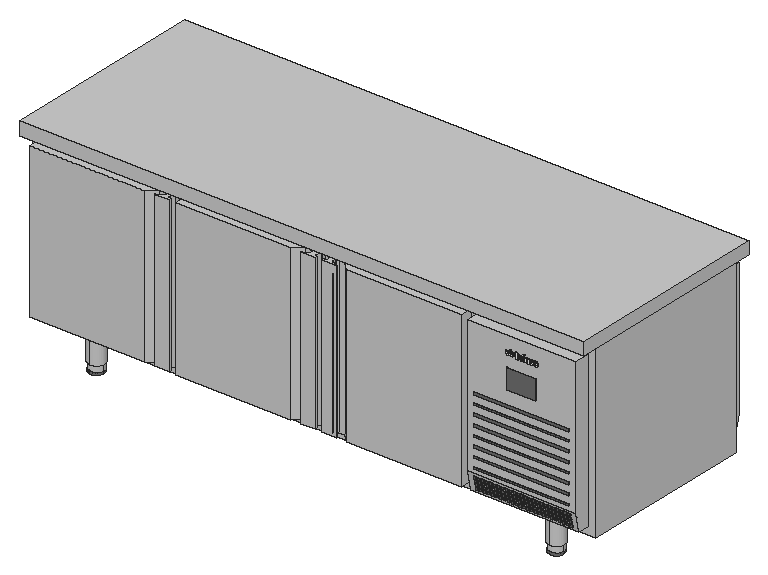
Revit family "QF_INFRICO_MR2190PDC_250813032627", category Specialty Equipment, Revit 2021 (continued)
Definition of nested family "QF_INFRICO_MR_DOOR_DX_6572"
  Parameters (values of type "MR_DOOR_DX")
    Warranty Duration [instance] = ""
    URL Cutsheet [instance] = ""
    URL = "www.infrico.com"
    Technical Documentation [instance] = ""
    Tag Number [instance] = ""
    Status [instance] = ""
    Specification by User [instance] = ""
    Specification by Manufacturer [instance] = ""
    Sound Level [instance] = ""
    Solid Fuel Type [instance] = ""
    Show Logo [instance] = yes
    Show Clearances [instance] = yes
    Show Clearance [instance] = yes
    Service Life Duration [instance] = ""
    Serial Number [instance] = ""
    Seismic Rating [instance] = ""
    SMACNA No [instance] = ""
    Revision Code [instance] = ""
    Revision [instance] = ""
    Production Year [instance] = ""
    Point Load [instance] = 0
    Other Equipment Approvals [instance] = ""
    NAFEM Spec ID Number [instance] = ""
    Model Warning [instance] = ""
    Model = "MR_DOOR_DX"
    Masterspec [instance] = ""
    Manufacturer = "INFRICO"
    Length Actual [instance] = 0 mm
    Item Number [instance] = ""
    Installed By [instance] = ""
    Installation Date [instance] = ""
    Identify Quantity as Lot [instance] = yes
    ID [instance] = ""
    Hygiene Approval [instance] = ""
    Height Actual [instance] = 0 mm
    Furnished By [instance] = ""
    Foodservice Equipment Identifier [instance] = yes
    ETL Approved [instance] = yes
    Description = "RIGHT DOOR"
    Depth Actual [instance] = 0 mm
    Default Elevation = 0 mm
    CSI MasterFormat [instance] = ""
    CE Approved [instance] = yes
    Barcode [instance] = ""
    Author [instance] = ""
    Asset Identifier [instance] = ""
    Assembly Code = "E1090320"
    Accessory [instance] = yes
  Reference planes
    plane 1 "Back": y = 0
    plane 2: z = 0
    plane 3 "Left": x = 0
    plane 4 "Right": x = 542
    plane 5 "Front": y = -44
    plane 6 "Top": z = 597
  Forms (mm)
    Extrusion 1, solid
      sketch origin (-2514.326, 654.02, -168.61) x (1, 0, 0) y (0, 1, 0)
        loop
          line (2610.426, -698.02) -> (3056.326, -698.02) -> (3056.326, -654.02) -> (2514.326, -654.02) -> (2514.326, -664.81) -> (2521.592, -664.81) -> (2526.525, -683.218) -> (2514.326, -690.261) -> (2514.326, -698.02) -> (2571.566, -698.02) -> (2571.566, -694.947) -> (2546.304, -684.224)
          arc (2546.304, -684.224) -> (2545.774, -683.563) -> (2545.566, -682.741) r 2.001
          line (2545.566, -682.741) -> (2545.222, -672.896)
          arc (2545.222, -672.896) -> (2545.582, -671.631) -> (2546.663, -670.881) r 1.95
          line (2546.663, -670.881) -> (2557.604, -667.95) -> (2580.356, -667.95) -> (2610.426, -698.02)
      from 168.61 to 765.61
    Extrusion 2, solid, visible <- "Show Clearance", detail levels coarse
      sketch origin (467, 0, 0) x (-1, 0, 0) y (0, -1, 0)
        loop
          line (-75, 44) -> (467, 44)
          arc (467, 44) -> (295.701, 346.977) -> (-31, 467) r 504.649
          line (-31, 467) -> (-75, 467) -> (-75, 44)
      from 0 to 597
  Lines and regions (mm)
    symbolic lines
      curve 1: line (542, -467, 0) -> (542, -62, 0)
      curve 2: arc (3.287, -62, 0) -> (178.326, -352.837, 0) -> (498, -467, 0) r 504.649
      curve 3: line (498, -467, 0) -> (542, -467, 0)
  Dimensions and locks
    plane 4 "Right" to plane 3 "Left" = 542 mm
    plane 6 "Top" to level = 597 mm  (x2)
    plane 1 "Back" to plane 5 "Front" = 44 mm  (x2)
    plane 3 "Left" to plane 4 "Right" = 542 mm
    aligned and locked: level to plane 2
Definition of nested family "QF_INFRICO_MRPDC_DOOR_SX_7349"
  Parameters (values of type "MRPDC_DOOR_SX")
    Weight [instance] = 0.00 kg
    Warranty Start Date [instance] = ""
    Warranty Duration [instance] = ""
    URL Cutsheet [instance] = ""
    URL = "www.infrico.com"
    Technical Documentation [instance] = ""
    Tag Number [instance] = ""
    Status [instance] = ""
    Specification by User [instance] = ""
    Specification by Manufacturer [instance] = ""
    Sound Level [instance] = ""
    Solid Fuel Type [instance] = ""
    Show Logo [instance] = yes
    Show Clearances [instance] = yes
    Show Clearance [instance] = yes
    Service Life Duration [instance] = ""
    Serial Number [instance] = ""
    Seismic Rating [instance] = ""
    SMACNA No [instance] = ""
    Revision Code [instance] = ""
    Revision [instance] = ""
    Production Year [instance] = ""
    Point Load [instance] = 0
    Other Equipment Approvals [instance] = ""
    NAFEM Spec ID Number [instance] = ""
    Model Warning [instance] = ""
    Model = "MRPDC_DOOR_SX"
    Masterspec [instance] = ""
    Manufacturer = "INFRICO"
    Length Actual [instance] = 0 mm
    Item Number [instance] = ""
    Installed By [instance] = ""
    Installation Date [instance] = ""
    Identify Quantity as Lot [instance] = yes
    ID [instance] = ""
    Hygiene Approval [instance] = ""
    Height Actual [instance] = 0 mm
    Furnished By [instance] = ""
    Foodservice Equipment Identifier [instance] = yes
    ETL Approved [instance] = yes
    Description = "LEFT DOOR"
    Depth Actual [instance] = 0 mm
    Default Elevation = 0 mm
    CSI MasterFormat [instance] = ""
    CE Approved [instance] = yes
    Barcode [instance] = ""
    Author [instance] = ""
    Asset Identifier [instance] = ""
    Assembly Code = "E1090320"
    Accessory [instance] = yes
  Reference planes
    plane 1 "Back": y = 0
    plane 2: z = 0
    plane 3 "Left": x = 0
    plane 4 "Right": x = 542
    plane 5 "Front": y = -44
    plane 6 "Top": z = 597
  Forms (mm)
    Extrusion 1, solid
      sketch origin (3056.326, -698.02, -168.61) x (-1, 0, 0) y (0, -1, 0)
        loop
          line (2610.426, -698.02) -> (3056.326, -698.02) -> (3056.326, -654.02) -> (2514.326, -654.02) -> (2514.326, -664.81) -> (2521.592, -664.81) -> (2526.525, -683.218) -> (2514.326, -690.261) -> (2514.326, -698.02) -> (2571.566, -698.02) -> (2571.566, -694.947) -> (2546.304, -684.224)
          arc (2546.304, -684.224) -> (2545.774, -683.563) -> (2545.566, -682.741) r 2.001
          line (2545.566, -682.741) -> (2545.222, -672.896)
          arc (2545.222, -672.896) -> (2545.582, -671.631) -> (2546.663, -670.881) r 1.95
          line (2546.663, -670.881) -> (2557.604, -667.95) -> (2580.356, -667.95) -> (2610.426, -698.02)
      from 168.61 to 765.61
    Extrusion 2, solid, visible <- "Show Clearance", detail levels coarse
      sketch origin (75, -44, 0) x (1, 0, 0) y (0, 1, 0)
        loop
          line (-75, 44) -> (467, 44)
          arc (467, 44) -> (295.701, 346.977) -> (-31, 467) r 504.649
          line (-31, 467) -> (-75, 467) -> (-75, 44)
      from 0 to 597
  Lines and regions (mm)
    symbolic lines
      curve 1: line (0, 423, 0) -> (0, 18, 0)
      curve 2: line (0, 423, 0) -> (44, 423, 0)
      curve 3: arc (44, 423, 0) -> (363.674, 308.837, 0) -> (538.713, 18, 0) r 504.649
  Dimensions and locks
    plane 4 "Right" to plane 3 "Left" = 542 mm
    plane 6 "Top" to level = 597 mm  (x2)
    plane 1 "Back" to plane 5 "Front" = 44 mm  (x2)
    plane 3 "Left" to plane 4 "Right" = 542 mm
    aligned and locked: level to plane 2
Definition of nested family "QF_INFRICO_MRPDC_DOOR_SX_8126"
  Parameters (values of type "MRPDC_DOOR_SX")
    Weight [instance] = 0.00 kg
    Warranty Start Date [instance] = ""
    Warranty Duration [instance] = ""
    URL Cutsheet [instance] = ""
    URL = "www.infrico.com"
    Technical Documentation [instance] = ""
    Tag Number [instance] = ""
    Status [instance] = ""
    Specification by User [instance] = ""
    Specification by Manufacturer [instance] = ""
    Sound Level [instance] = ""
    Solid Fuel Type [instance] = ""
    Show Logo [instance] = yes
    Show Clearances [instance] = yes
    Show Clearance [instance] = yes
    Service Life Duration [instance] = ""
    Serial Number [instance] = ""
    Seismic Rating [instance] = ""
    SMACNA No [instance] = ""
    Revision Code [instance] = ""
    Revision [instance] = ""
    Production Year [instance] = ""
    Point Load [instance] = 0
    Other Equipment Approvals [instance] = ""
    NAFEM Spec ID Number [instance] = ""
    Model Warning [instance] = ""
    Model = "MRPDC_DOOR_SX"
    Masterspec [instance] = ""
    Manufacturer = "INFRICO"
    Length Actual [instance] = 0 mm
    Item Number [instance] = ""
    Installed By [instance] = ""
    Installation Date [instance] = ""
    Identify Quantity as Lot [instance] = yes
    ID [instance] = ""
    Hygiene Approval [instance] = ""
    Height Actual [instance] = 0 mm
    Furnished By [instance] = ""
    Foodservice Equipment Identifier [instance] = yes
    ETL Approved [instance] = yes
    Description = "LEFT DOOR"
    Depth Actual [instance] = 0 mm
    Default Elevation = 0 mm
    CSI MasterFormat [instance] = ""
    CE Approved [instance] = yes
    Barcode [instance] = ""
    Author [instance] = ""
    Asset Identifier [instance] = ""
    Assembly Code = "E1090320"
    Accessory [instance] = yes
  Reference planes
    plane 1 "Back": y = 0
    plane 2: z = 0
    plane 3 "Left": x = 0
    plane 4 "Right": x = 542
    plane 5 "Front": y = -44
    plane 6 "Top": z = 597
  Forms (mm)
    Extrusion 1, solid
      sketch origin (3056.326, -698.02, -168.61) x (-1, 0, 0) y (0, -1, 0)
        loop
          line (2610.426, -698.02) -> (3056.326, -698.02) -> (3056.326, -654.02) -> (2514.326, -654.02) -> (2514.326, -664.81) -> (2521.592, -664.81) -> (2526.525, -683.218) -> (2514.326, -690.261) -> (2514.326, -698.02) -> (2571.566, -698.02) -> (2571.566, -694.947) -> (2546.304, -684.224)
          arc (2546.304, -684.224) -> (2545.774, -683.563) -> (2545.566, -682.741) r 2.001
          line (2545.566, -682.741) -> (2545.222, -672.896)
          arc (2545.222, -672.896) -> (2545.582, -671.631) -> (2546.663, -670.881) r 1.95
          line (2546.663, -670.881) -> (2557.604, -667.95) -> (2580.356, -667.95) -> (2610.426, -698.02)
      from 168.61 to 765.61
    Extrusion 2, solid, visible <- "Show Clearance", detail levels coarse
      sketch origin (75, -44, 0) x (1, 0, 0) y (0, 1, 0)
        loop
          line (-75, 44) -> (467, 44)
          arc (467, 44) -> (295.701, 346.977) -> (-31, 467) r 504.649
          line (-31, 467) -> (-75, 467) -> (-75, 44)
      from 0 to 597
  Lines and regions (mm)
    symbolic lines
      curve 1: line (0, 423, 0) -> (0, 18, 0)
      curve 2: line (0, 423, 0) -> (44, 423, 0)
      curve 3: arc (44, 423, 0) -> (363.674, 308.837, 0) -> (538.713, 18, 0) r 504.649
  Dimensions and locks
    plane 4 "Right" to plane 3 "Left" = 542 mm
    plane 6 "Top" to level = 597 mm  (x2)
    plane 1 "Back" to plane 5 "Front" = 44 mm  (x2)
    plane 3 "Left" to plane 4 "Right" = 542 mm
    aligned and locked: level to plane 2
Definition of nested family "QF_INFRICO_MRPDC_DOOR_DX_8903"
  Parameters (values of type "MRPDC_DOOR_DX")
    Weight [instance] = 0.00 kg
    Warranty Start Date [instance] = ""
    Warranty Duration [instance] = ""
    URL Cutsheet [instance] = ""
    URL = "www.infrico.com"
    Technical Documentation [instance] = ""
    Tag Number [instance] = ""
    Status [instance] = ""
    Specification by User [instance] = ""
    Specification by Manufacturer [instance] = ""
    Sound Level [instance] = ""
    Solid Fuel Type [instance] = ""
    Show Logo [instance] = yes
    Show Clearances [instance] = yes
    Show Clearance [instance] = yes
    Service Life Duration [instance] = ""
    Serial Number [instance] = ""
    Seismic Rating [instance] = ""
    SMACNA No [instance] = ""
    Revision Code [instance] = ""
    Revision [instance] = ""
    Production Year [instance] = ""
    Point Load [instance] = 0
    Other Equipment Approvals [instance] = ""
    NAFEM Spec ID Number [instance] = ""
    Model Warning [instance] = ""
    Model = "MRPDC_DOOR_DX"
    Masterspec [instance] = ""
    Manufacturer = "INFRICO"
    Length Actual [instance] = 0 mm
    Item Number [instance] = ""
    Installed By [instance] = ""
    Installation Date [instance] = ""
    Identify Quantity as Lot [instance] = yes
    ID [instance] = ""
    Hygiene Approval [instance] = ""
    Height Actual [instance] = 0 mm
    Furnished By [instance] = ""
    Foodservice Equipment Identifier [instance] = yes
    ETL Approved [instance] = yes
    Description = "RIGHT DOOR"
    Depth Actual [instance] = 0 mm
    Default Elevation = 0 mm
    CSI MasterFormat [instance] = ""
    CE Approved [instance] = yes
    Barcode [instance] = ""
    Author [instance] = ""
    Asset Identifier [instance] = ""
    Assembly Code = "E1090320"
    Accessory [instance] = yes
  Reference planes
    plane 1 "Back": y = 0
    plane 2: z = 0
    plane 3 "Left": x = 0
    plane 4 "Right": x = 542
    plane 5 "Front": y = -44
    plane 6 "Top": z = 597
  Forms (mm)
    Extrusion 1, solid
      sketch origin (-2514.326, -698.02, -168.61) x (1, 0, 0) y (0, 1, 0)
        loop
          line (2610.426, 698.02) -> (2580.356, 667.95) -> (2557.604, 667.95) -> (2546.663, 670.881)
          arc (2546.663, 670.881) -> (2545.582, 671.631) -> (2545.222, 672.896) r 1.95
          line (2545.222, 672.896) -> (2545.566, 682.741)
          arc (2545.566, 682.741) -> (2545.774, 683.563) -> (2546.304, 684.224) r 2.001
          line (2546.304, 684.224) -> (2571.566, 694.947) -> (2571.566, 698.02) -> (2514.326, 698.02) -> (2514.326, 690.261) -> (2526.525, 683.218) -> (2521.592, 664.81) -> (2514.326, 664.81) -> (2514.326, 654.02) -> (3056.326, 654.02) -> (3056.326, 698.02) -> (2610.426, 698.02)
      from 168.61 to 765.61
    Extrusion 2, solid, visible <- "Show Clearance", detail levels coarse
      sketch origin (467, -44, 0) x (-1, 0, 0) y (0, -1, 0)
        loop
          line (-75, -44) -> (-75, -467) -> (-31, -467)
          arc (-31, -467) -> (295.701, -346.977) -> (467, -44) r 504.649
          line (467, -44) -> (-75, -44)
      from 0 to 597
  Lines and regions (mm)
    symbolic lines
      curve 1: line (542, 423, 0) -> (542, 18, 0)
      curve 2: arc (3.287, 18, 0) -> (178.326, 308.837, 0) -> (498, 423, 0) r 504.649
      curve 3: line (498, 423, 0) -> (542, 423, 0)
  Dimensions and locks
    plane 4 "Right" to plane 3 "Left" = 542 mm
    plane 6 "Top" to level = 597 mm  (x2)
    plane 1 "Back" to plane 5 "Front" = 44 mm  (x2)
    plane 3 "Left" to plane 4 "Right" = 542 mm
    aligned and locked: level to plane 2
Definition of nested family "QF_INFRICO_WORKTOP_9680"
  Parameters (values of type "WRKT20_30")
    Weight [instance] = 0.00 kg
    Warranty Start Date [instance] = ""
    Warranty Duration [instance] = ""
    URL Cutsheet [instance] = ""
    URL = "www.infrico.com"
    Technical Documentation [instance] = ""
    Tag Number [instance] = ""
    Status [instance] = ""
    Specification by User [instance] = ""
    Specification by Manufacturer [instance] = ""
    Sound Level [instance] = ""
    Solid Fuel Type [instance] = ""
    Show Logo [instance] = yes
    Show Clearances [instance] = yes
    Show Clearance [instance] = yes
    Service Life Duration [instance] = ""
    Serial Number [instance] = ""
    Seismic Rating [instance] = ""
    SMACNA No [instance] = ""
    Revision Code [instance] = ""
    Revision [instance] = ""
    Production Year [instance] = ""
    Point Load [instance] = 0
    Other Equipment Approvals [instance] = ""
    NAFEM Spec ID Number [instance] = ""
    Model Warning [instance] = ""
    Model = "WRKT20_30"
    Masterspec [instance] = ""
    Manufacturer = "INFRICO"
    Length Actual [instance] = 0 mm
    Length = 1960 mm
    Item Number [instance] = ""
    Installed By [instance] = ""
    Installation Date [instance] = ""
    Identify Quantity as Lot [instance] = yes
    ID [instance] = ""
    Hygiene Approval [instance] = ""
    Height Actual [instance] = 0 mm
    Furnished By [instance] = ""
    Foodservice Equipment Identifier [instance] = yes
    ETL Approved [instance] = yes
    Description = "WORKTOP WHITOUT BACKSPLASH 2000_300"
    Depth Actual [instance] = 0 mm
    Depth = 300 mm
    Default Elevation = 0 mm
    CSI MasterFormat [instance] = ""
    CE Approved [instance] = yes
    Barcode [instance] = ""
    Author [instance] = ""
    Asset Identifier [instance] = ""
    Assembly Code = "E1090320"
    Accessory [instance] = yes
  Types (38, lengths in mm): name | Model | Length | Description | Depth
    ENC12SPGN19 | "ENC12SPGN19" | 1960 | "WORKTOP WITHOUT BACKSPLASH" | 700
    ENC12SPGN14 | "ENC12SPGN14" | 1468 | "WORKTOP WITHOUT BACKSPLASH" | 700
    ENC12SPGN24 | "ENC12SPGN24" | 2452 | "WORKTOP WITHOUT BACKSPLASH" | 700
    ENC12SPGN14R | "ENC12SPGN14R" | 1160 | "WORKTOP WITHOUT BACKSPLASH" | 700
    ENC12SPGN19R | "ENC12SPGN19R" | 1652 | "WORKTOP WITHOUT BACKSPLASH" | 700
    ENC12SPGN24R | "ENC12SPGN24R" | 2144 | "WORKTOP WITHOUT BACKSPLASH" | 700
    ENC12SPBM20 | "ENC12SPBM20" | 1960 | "WORKTOP WITHOUT BACKSPLASH" | 600
    ENC12SPBM15 | "ENC12SPBM15" | 1468 | "WORKTOP WITHOUT BACKSPLASH" | 600
    ENC12SPBM25 | "ENC12SPBM25" | 2452 | "WORKTOP WITHOUT BACKSPLASH" | 600
    ENC12SPBM15R | "ENC12SPBM15R" | 1160 | "WORKTOP WITHOUT BACKSPLASH" | 600
    ENC12SPBM20R | "ENC12SPBM20R" | 1652 | "WORKTOP WITHOUT BACKSPLASH" | 600
    ENC12SPMR16 | "ENC12SPMR16" | 1618 | "WORKTOP WITHOUT BACKSPLASH" | 800
    ENC12SPMR21 | "ENC12SPMR21" | 2185 | "WORKTOP WITHOUT BACKSPLASH" | 800
    ENC12SPMR27 | "ENC12SPMR27" | 2752 | "WORKTOP WITHOUT BACKSPLASH" | 800
    ENC12SPMR16R | "ENC12SPMR16R" | 1310 | "WORKTOP WITHOUT BACKSPLASH" | 800
    ENC12SPMR21R | "ENC12SPMR21R" | 1877 | "WORKTOP WITHOUT BACKSPLASH" | 800
    ENC12SPMR27R | "ENC12SPMR27R" | 2444 | "WORKTOP WITHOUT BACKSPLASH" | 800
    ENC12SPBM25R | "ENC12SPBM25R" | 2144 | "WORKTOP WITHOUT BACKSPLASH" | 600
    ENC12SPMS20 | "ENC12SPMS20" | 2000 | "WORKTOP WITHOUT BACKSPLASH" | 700
    ENC12SPMS24 | "ENC12SPMS24" | 2400 | "WORKTOP WITHOUT BACKSPLASH" | 700
    ENC12SPMS10 | "ENC12SPMS10" | 1000 | "WORKTOP WITHOUT BACKSPLASH" | 700
    ENC12SPMS14 | "ENC12SPMS14" | 1400 | "WORKTOP WITHOUT BACKSPLASH" | 700
    ENC12SPMS16 | "ENC12SPMS16" | 1600 | "WORKTOP WITHOUT BACKSPLASH" | 700
    ENC12SPME10 | "ENC12SPME10" | 978 | "WORKTOP WITHOUT BACKSPLASH" | 700
    ENC12SPME14 | "ENC12SPME14" | 1460 | "WORKTOP WITHOUT BACKSPLASH" | 700
    WRKT10_30 | "WRKT10_30" | 1000 | "WORKTOP WHITOUT BACKSPLASH 1000_300" | 300
    WRKT10_60 | "WRKT10_60" | 1000 | "WORKTOP WHITOUT BACKSPLASH 1000_600" | 600
    WRKT15_30 | "WRKT15_30" | 1468 | "WORKTOP WHITOUT BACKSPLASH 1500_300" | 300
    WRKT15_60 | "WRKT15_60" | 1468 | "WORKTOP WHITOUT BACKSPLASH 1500_600" | 600
    WRKT20_30 | "WRKT20_30" | 1960 | "WORKTOP WHITOUT BACKSPLASH 2000_300" | 300
    WRKT20_60 | "WRKT20_60" | 1960 | "WORKTOP WHITOUT BACKSPLASH 2000_600" | 600
    WRKT25_30 | "WRKT25_30" | 2452 | "WORKTOP WHITOUT BACKSPLASH 2500_300" | 300
    WRKT25_60 | "WRKT25_60" | 2452 | "WORKTOP WHITOUT BACKSPLASH 2500_600" | 600
    WRKT15_60_MT | "WRKT15_60_MT" | 1500 | "WORKTOP WHITOUT BACKSPLASH 1500_600" | 600
    WRKT15_70_MT | "WRKT15_70_MT" | 1500 | "WORKTOP WHITOUT BACKSPLASH 1500_700" | 700
    WRKT20_70_MT | "WRKT20_70_MT" | 2000 | "WORKTOP WHITOUT BACKSPLASH 2000_700" | 700
    WRKT20_60_MT | "WRKT20_60_MT" | 2000 | "WORKTOP WHITOUT BACKSPLASH 2000_600" | 600
    WRKT10_70_MT | "WRKT10_70_MT" | 1000 | "WORKTOP WHITOUT BACKSPLASH 1000_700" | 700
  Reference planes
    plane 1 "Back": y = 0
    plane 2: z = 0
    plane 3 "Left": x = 0
    plane 4 "Right": x = 1960
    plane 5 "Front": y = -300
    plane 6 "Top": z = 50
  Forms (mm)
    Extrusion 1, solid
      sketch origin (0, 0, -800) x (0, 1, 0) y (0, 0, 1)
        loop
          line (0, 850) -> (-300, 850) -> (-300, 800) -> (0, 800) -> (0, 850)
      from 0 to 1960
  Lines and regions (mm)
    symbolic lines
      curve 1: line (1960, 0, 0) -> (0, 0, 0)
      curve 2: line (0, 0, 0) -> (0, -300, 0)
      curve 3: line (0, -300, 0) -> (1960, -300, 0)
      curve 4: line (1960, -300, 0) -> (1960, 0, 0)
  Dimensions and locks
    plane 4 "Right" to plane 3 "Left" = 1960 mm
    plane 6 "Top" to level = 50 mm
    plane 1 "Back" to plane 5 "Front" = 300 mm
    "Length": plane 3 "Left" to plane 4 "Right"
    "Depth": plane 1 "Back" to plane 5 "Front"
    aligned and locked: level to plane 2
    aligned and locked: Extrusion 1 to plane 4 "Right"
  Automatic sketch dimensions
    plane 1 "Back" to curve 1 = 0 mm
    curve 1 to plane 3 "Left" = 0 mm
    curve 3 to plane 4 "Right" = 0 mm
    curve 3 to plane 5 "Front" = 0 mm
    Extrusion 1 sketch curve to plane 5 "Front" = 0 mm
    Extrusion 1 sketch curve to level = 0 mm
    Extrusion 1 sketch curve to plane 1 "Back" = 0 mm
    Extrusion 1 sketch curve to plane 6 "Top" = 0 mm
Definition of nested family "QF_INFRICO_LEGS_10524"
  Parameters (values of type "LEGS_2190_740")
    Weight [instance] = 0.00 kg
    Warranty Start Date [instance] = ""
    Warranty Duration [instance] = ""
    URL Cutsheet [instance] = ""
    URL = "www.infrico.com"
    Technical Documentation [instance] = ""
    Tag Number [instance] = ""
    Status [instance] = ""
    Specification by User [instance] = ""
    Specification by Manufacturer [instance] = ""
    Sound Level [instance] = ""
    Solid Fuel Type [instance] = ""
    Show Logo [instance] = yes
    Show Clearances [instance] = yes
    Show Clearance [instance] = yes
    Service Life Duration [instance] = ""
    Serial Number [instance] = ""
    Seismic Rating [instance] = ""
    SMACNA No [instance] = ""
    Revision Code [instance] = ""
    Revision [instance] = ""
    Production Year [instance] = ""
    Point Load [instance] = 0
    Other Equipment Approvals [instance] = ""
    NAFEM Spec ID Number [instance] = ""
    Model Warning [instance] = ""
    Model = "LEGS_2190_740"
    Masterspec [instance] = ""
    Manufacturer = "INFRICO"
    Length Actual [instance] = 0 mm
    Length = 2185 mm
    Item Number [instance] = ""
    Installed By [instance] = ""
    Installation Date [instance] = ""
    Identify Quantity as Lot [instance] = yes
    ID [instance] = ""
    Hygiene Approval [instance] = ""
    Height Actual [instance] = 0 mm
    Height = 140 mm
    Furnished By [instance] = ""
    Foodservice Equipment Identifier [instance] = yes
    ETL Approved [instance] = yes
    Description = "LEGS"
    Depth Actual [instance] = 0 mm
    Depth = 738 mm
    Default Elevation = 0 mm
    CentralLegs = if(or(Length > 2200 mm, Length = 2144 mm), 2 > 1, 2 < 1)  # no
    CSI MasterFormat [instance] = ""
    CE Approved [instance] = yes
    Barcode [instance] = ""
    Author [instance] = ""
    Asset Identifier [instance] = ""
    Assembly Code = "E1090320"
    Accessory [instance] = yes
  Types (29, lengths in mm): name | Model | Length | Height | Depth | CentralLegs
    LEGS_1960_700 | "LEGS_1960_700" | 1960 | 140 | 700 | no
    LEGS_1470_700 | "LEGS_1470_700" | 1468 | 140 | 700 | no
    LEGS_2450_700 | "LEGS_2450_700" | 2452 | 140 | 700 | yes
    LEGS_1470_600 | "LEGS_1470_600" | 1468 | 140 | 600 | no
    LEGS_1960_600 | "LEGS_1960_600" | 1960 | 140 | 600 | no
    LEGS_2450_600 | "LEGS_2450_600" | 2452 | 140 | 600 | yes
    LEGS_1610_800 | "LEGS_1610_800" | 1618 | 140 | 800 | no
    LEGS_2190_800 | "LEGS_2190_800" | 2185 | 140 | 800 | no
    LEGS_2750_800 | "LEGS_2750_800" | 2752 | 140 | 800 | yes
    LEGS_1160_700 | "LEGS_1160_700" | 1160 | 140 | 700 | no
    LEGS_1650_700 | "LEGS_1650_700" | 1652 | 140 | 700 | no
    LEGS_2140_700 | "LEGS_2140_700" | 2144 | 140 | 700 | yes
    LEGS_1960_640 | "LEGS_1960_640" | 1960 | 140 | 638 | no
    LEGS_1470_640 | "LEGS_1470_640" | 1468 | 140 | 638 | no
    LEGS_1160_600 | "LEGS_1160_600" | 1160 | 140 | 600 | no
    LEGS_1650_600 | "LEGS_1650_600" | 1652 | 140 | 600 | no
    LEGS_1310_800 | "LEGS_1310_800" | 1310 | 140 | 800 | no
    LEGS_1890_800 | "LEGS_1890_800" | 1877 | 140 | 800 | no
    LEGS_2440_800 | "LEGS_2440_800" | 2444 | 140 | 800 | yes
    LEGS_1610_740 | "LEGS_1610_740" | 1618 | 140 | 738 | no
    LEGS_2190_740 | "LEGS_2190_740" | 2185 | 140 | 738 | no
    LEGS_2140_600 | "LEGS_2140_600" | 2144 | 140 | 600 | yes
    LEGS_980_800 | "LEGS_980_800" | 980 | 150 | 800 | no
    LEGS_1470_800 | "LEGS_1470_800" | 1468 | 150 | 800 | no
    LEGS_1740_800 | "LEGS_1740_800" | 1738 | 140 | 800 | no
    LEGS_2300_800 | "LEGS_2300_800" | 2305 | 140 | 800 | yes
    LEGS_1690_800 | "LEGS_1690_800" | 1693 | 140 | 800 | no
    LEGS_2260_800 | "LEGS_2260_800" | 2260 | 140 | 800 | yes
    LEGS_1460_700 | "LEGS_1460_700" | 1460 | 140 | 700 | no
  Reference planes
    plane 1 "Back": y = 0
    plane 2: z = 0
    plane 3 "Left": x = 0
    plane 4 "Right": x = 2185
    plane 5 "Front": y = -738
    plane 6 "Top": z = 140
    plane 7 "Central": x = 1092.5
  Forms (mm)
    Extrusion 1, solid
      sketch origin (0, 0, 140) x (0, 1, 0) y (-1, 0, 0)
        loop
          line (-568, -154.986) -> (-668, -154.986) -> (-668, -244.986) -> (-568, -244.986) -> (-568, -154.986)
      from 0 to -3
    Extrusion 2, solid
      sketch origin (0, 0, 0) x (1, 0, 0) y (0, 1, 0)
        loop
          circle (199.986, -618) r 28
      from 9 to 35
    Extrusion 3, solid
      sketch origin (0, 0, 0) x (1, 0, 0) y (0, 1, 0)
        loop
          circle (199.986, -618) r 28.5
      from 0 to 9
    Sweep 4, solid
      path origin (0, 0, 0) x (0, 1, 0) y (0, 0, 1)
        loop
          line (-618, 35) -> (-618, 137)
      profile origin (0, -618, 86) x (0, -1, 0) y (1, 0, 0)
        loop
          circle (0, 199.986) r 32
    Extrusion 5, solid
      sketch origin (0, 500, 140) x (0, 1, 0) y (-1, 0, 0)
        loop
          line (-530, -154.986) -> (-630, -154.986) -> (-630, -244.986) -> (-530, -244.986) -> (-530, -154.986)
      from 0 to -3
    Extrusion 6, solid
      sketch origin (0, 500, 0) x (1, 0, 0) y (0, 1, 0)
        loop
          circle (199.986, -580) r 28
      from 9 to 35
    Extrusion 7, solid
      sketch origin (0, 500, 0) x (1, 0, 0) y (0, 1, 0)
        loop
          circle (199.986, -580) r 28.5
      from 0 to 9
    Sweep 8, solid
      path origin (0, 500, 0) x (0, 1, 0) y (0, 0, 1)
        loop
          line (-580, 35) -> (-580, 137)
      profile origin (0, -80, 86) x (0, -1, 0) y (1, 0, 0)
        loop
          circle (0, 199.986) r 32
    Extrusion 9, solid
      sketch origin (1560, 0, 140) x (0, 1, 0) y (-1, 0, 0)
        loop
          line (-568, -379.986) -> (-668, -379.986) -> (-668, -469.986) -> (-568, -469.986) -> (-568, -379.986)
      from 0 to -3
    Extrusion 10, solid
      sketch origin (1560, 0, 0) x (1, 0, 0) y (0, 1, 0)
        loop
          circle (424.986, -618) r 28
      from 9 to 35
    Extrusion 11, solid
      sketch origin (1560, 0, 0) x (1, 0, 0) y (0, 1, 0)
        loop
          circle (424.986, -618) r 28.5
      from 0 to 9
    Sweep 12, solid
      path origin (2185, 0, 0) x (0, -1, 0) y (0, 0, 1)
        loop
          line (618, 35) -> (618, 137)
      profile origin (2185, -618, 86) x (0, 1, 0) y (-1, 0, 0)
        loop
          circle (0, 199.986) r 32
    Extrusion 13, solid
      sketch origin (1560, 500, 140) x (0, 1, 0) y (-1, 0, 0)
        loop
          line (-530, -379.986) -> (-630, -379.986) -> (-630, -469.986) -> (-530, -469.986) -> (-530, -379.986)
      from 0 to -3
    Extrusion 14, solid
      sketch origin (1560, 500, 0) x (1, 0, 0) y (0, 1, 0)
        loop
          circle (424.986, -580) r 28
      from 9 to 35
    Extrusion 15, solid
      sketch origin (1560, 500, 0) x (1, 0, 0) y (0, 1, 0)
        loop
          circle (424.986, -580) r 28.5
      from 0 to 9
    Sweep 16, solid
      path origin (2185, 0, 0) x (0, -1, 0) y (0, 0, 1)
        loop
          line (80, 35) -> (80, 137)
      profile origin (2185, -80, 86) x (0, 1, 0) y (-1, 0, 0)
        loop
          circle (0, 199.986) r 32
    Extrusion 17, solid, visible <- "CentralLegs"
      sketch origin (534.014, 0, 140) x (0, 1, 0) y (-1, 0, 0)
        loop
          line (-568, -513.486) -> (-668, -513.486) -> (-668, -603.486) -> (-568, -603.486) -> (-568, -513.486)
      from 0 to -3
    Extrusion 18, solid, visible <- "CentralLegs"
      sketch origin (534.014, 0, 0) x (1, 0, 0) y (0, 1, 0)
        loop
          circle (558.486, -618) r 28
      from 9 to 35
    Extrusion 19, solid, visible <- "CentralLegs"
      sketch origin (534.014, 0, 0) x (1, 0, 0) y (0, 1, 0)
        loop
          circle (558.486, -618) r 28.5
      from 0 to 9
    Sweep 20, solid, visible <- "CentralLegs"
      path origin (1092.5, 0, 0) x (0, -1, 0) y (0, 0, 1)
        loop
          line (618, 35) -> (618, 137)
      profile origin (1092.5, -618, 86) x (0, 1, 0) y (-1, 0, 0)
        loop
          circle (0, -0.014) r 32
    Extrusion 21, solid, visible <- "CentralLegs"
      sketch origin (534.014, 500, 140) x (0, 1, 0) y (-1, 0, 0)
        loop
          line (-530, -513.486) -> (-630, -513.486) -> (-630, -603.486) -> (-530, -603.486) -> (-530, -513.486)
      from 0 to -3
    Extrusion 22, solid, visible <- "CentralLegs"
      sketch origin (534.014, 500, 0) x (1, 0, 0) y (0, 1, 0)
        loop
          circle (558.486, -580) r 28
      from 9 to 35
    Extrusion 23, solid, visible <- "CentralLegs"
      sketch origin (534.014, 500, 0) x (1, 0, 0) y (0, 1, 0)
        loop
          circle (558.486, -580) r 28.5
      from 0 to 9
    Sweep 24, solid, visible <- "CentralLegs"
      path origin (1092.5, 0, 0) x (0, -1, 0) y (0, 0, 1)
        loop
          line (80, 35) -> (80, 137)
      profile origin (1092.5, -80, 86) x (0, 1, 0) y (-1, 0, 0)
        loop
          circle (0, -0.014) r 32
  Dimensions and locks
    "Length": plane 3 "Left" to plane 4 "Right"
    "Depth": plane 1 "Back" to plane 5 "Front"
    "Height": plane 6 "Top" to plane 2
    equal spacing: plane 3 "Left", plane 7 "Central", plane 4 "Right"
    locked: Sweep 20 sketch curve to profile plane at 0.014
    locked: Sweep 24 sketch curve to profile plane at 0.014
    aligned and locked: level to plane 2
  Automatic sketch dimensions
    plane 5 "Front" to Extrusion 1 sketch curve = 70 mm
    Extrusion 1 sketch curve to Extrusion 1 sketch curve = 100 mm
    plane 3 "Left" to Extrusion 1 sketch curve = 244.986 mm
    Extrusion 1 sketch curve to Extrusion 1 sketch curve = 90 mm
    plane 3 "Left" to Extrusion 2 sketch curve = 199.986 mm
    plane 5 "Front" to Extrusion 2 sketch curve = 120 mm
    plane 3 "Left" to Extrusion 3 sketch curve = 199.986 mm
    plane 5 "Front" to Extrusion 3 sketch curve = 120 mm
    Sweep 4 sketch curve to plane 6 "Top" = 3 mm
    plane 5 "Front" to Sweep 4 sketch curve = 120 mm
    level to Sweep 4 sketch curve = 35 mm
    Sweep 4 sketch curve to profile plane = 0 mm
    plane 3 "Left" to Sweep 4 sketch curve = 199.986 mm
    plane 1 "Back" to Extrusion 5 sketch curve = 130 mm
    plane 1 "Back" to Extrusion 5 sketch curve = 30 mm
    plane 3 "Left" to Extrusion 5 sketch curve = 244.986 mm
    Extrusion 5 sketch curve to Extrusion 5 sketch curve = 90 mm
    plane 1 "Back" to Extrusion 6 sketch curve = 80 mm
    plane 3 "Left" to Extrusion 6 sketch curve = 199.986 mm
    plane 1 "Back" to Extrusion 7 sketch curve = 80 mm
    plane 3 "Left" to Extrusion 7 sketch curve = 199.986 mm
    Sweep 8 sketch curve to plane 6 "Top" = 3 mm
    plane 1 "Back" to Sweep 8 sketch curve = 80 mm
    level to Sweep 8 sketch curve = 35 mm
    Sweep 8 sketch curve to profile plane = 0 mm
    plane 3 "Left" to Sweep 8 sketch curve = 199.986 mm
    plane 5 "Front" to Extrusion 9 sketch curve = 70 mm
    Extrusion 9 sketch curve to Extrusion 9 sketch curve = 100 mm
    plane 4 "Right" to Extrusion 9 sketch curve = 155.014 mm
    Extrusion 9 sketch curve to Extrusion 9 sketch curve = 90 mm
    plane 4 "Right" to Extrusion 10 sketch curve = 200.014 mm
    plane 5 "Front" to Extrusion 10 sketch curve = 120 mm
    plane 4 "Right" to Extrusion 11 sketch curve = 200.014 mm
    plane 5 "Front" to Extrusion 11 sketch curve = 120 mm
    Sweep 12 sketch curve to profile plane = 0 mm
    profile plane to Sweep 12 sketch curve = 199.986 mm
    plane 1 "Back" to Extrusion 13 sketch curve = 130 mm
    plane 1 "Back" to Extrusion 13 sketch curve = 30 mm
    plane 4 "Right" to Extrusion 13 sketch curve = 155.014 mm
    Extrusion 13 sketch curve to Extrusion 13 sketch curve = 90 mm
    plane 1 "Back" to Extrusion 14 sketch curve = 80 mm
    plane 4 "Right" to Extrusion 14 sketch curve = 200.014 mm
    plane 1 "Back" to Extrusion 15 sketch curve = 80 mm
    plane 4 "Right" to Extrusion 15 sketch curve = 200.014 mm
    Sweep 16 sketch curve to profile plane = 0 mm
    profile plane to Sweep 16 sketch curve = 199.986 mm
    plane 5 "Front" to Extrusion 17 sketch curve = 70 mm
    Extrusion 17 sketch curve to plane 7 "Central" = 45 mm
    Extrusion 17 sketch curve to Extrusion 17 sketch curve = 100 mm
    plane 7 "Central" to Extrusion 17 sketch curve = 45 mm
    Extrusion 18 sketch curve to plane 7 "Central" = 0 mm
    plane 5 "Front" to Extrusion 18 sketch curve = 120 mm
    Extrusion 19 sketch curve to plane 7 "Central" = 0 mm
    plane 5 "Front" to Extrusion 19 sketch curve = 120 mm
    Sweep 20 sketch curve to profile plane = 0 mm
    plane 7 "Central" to Extrusion 21 sketch curve = 45 mm
    plane 1 "Back" to Extrusion 21 sketch curve = 130 mm
    plane 1 "Back" to Extrusion 21 sketch curve = 30 mm
    Extrusion 21 sketch curve to plane 7 "Central" = 45 mm
    Extrusion 22 sketch curve to plane 7 "Central" = 0 mm
    plane 1 "Back" to Extrusion 22 sketch curve = 80 mm
    Extrusion 23 sketch curve to plane 7 "Central" = 0 mm
    plane 1 "Back" to Extrusion 23 sketch curve = 80 mm
    Sweep 24 sketch curve to profile plane = 0 mm
    Sweep 16 sketch curve to plane 6 "Top" = 3 mm
    plane 1 "Back" to Sweep 16 sketch curve = 80 mm
    level to Sweep 16 sketch curve = 35 mm
    Sweep 12 sketch curve to plane 6 "Top" = 3 mm
    plane 5 "Front" to Sweep 12 sketch curve = 120 mm
    level to Sweep 12 sketch curve = 35 mm
    Sweep 20 sketch curve to plane 6 "Top" = 3 mm
    plane 5 "Front" to Sweep 20 sketch curve = 120 mm
    level to Sweep 20 sketch curve = 35 mm
    Sweep 24 sketch curve to plane 6 "Top" = 3 mm
    plane 1 "Back" to Sweep 24 sketch curve = 80 mm
    level to Sweep 24 sketch curve = 35 mm
    radius of Extrusion 2 sketch curve = 28 mm
    radius of Extrusion 3 sketch curve = 28.5 mm
    radius of Sweep 4 sketch curve = 32 mm
    radius of Extrusion 6 sketch curve = 28 mm
    radius of Extrusion 7 sketch curve = 28.5 mm
    radius of Sweep 8 sketch curve = 32 mm
    radius of Extrusion 10 sketch curve = 28 mm
    radius of Extrusion 11 sketch curve = 28.5 mm
    radius of Sweep 12 sketch curve = 32 mm
    radius of Extrusion 14 sketch curve = 28 mm
    radius of Extrusion 15 sketch curve = 28.5 mm
    radius of Sweep 16 sketch curve = 32 mm
    radius of Extrusion 18 sketch curve = 28 mm
    radius of Extrusion 19 sketch curve = 28.5 mm
    radius of Sweep 20 sketch curve = 32 mm
    radius of Extrusion 22 sketch curve = 28 mm
    radius of Extrusion 23 sketch curve = 28.5 mm
    radius of Sweep 24 sketch curve = 32 mm
Definition of nested family "CONN_POINT_DRAIN_2D___Generic_Annotation"
  Parameters (values of type "CONN_POINT_DRAIN_2D___Generic_Annotation")
    Onboard connection annotation symbol visibility [instance] = yes
  Reference planes
    plane 1: y = 0
    plane 2: x = 0
  Lines and regions (mm)
    detail lines, visible <- "Onboard connection annotation symbol visibility"
      curve 1: circle (0, 0, 0) r 0.5 normal (0, 0, 1)
      curve 2: line (-1, 0, 0) -> (1, 0, 0)
      curve 3: line (0, 1, 0) -> (0, -1, 0)
      curve 4: line (1.776, 1, 0) -> (1.25, 1, 0)
      curve 5: line (1.25, 1, 0) -> (1.25, -1, 0)
      curve 6: line (1.25, -1, 0) -> (1.776, -1, 0)
      curve 7: arc (2.206, -0.862, 0) -> (2.459, -0.589, 0) -> (2.583, -0.238, 0) r 0.918
      curve 8: arc (2.583, 0.238, 0) -> (2.459, 0.589, 0) -> (2.206, 0.862, 0) r 0.918
      curve 9: arc (2.583, -0.238, 0) -> (2.599, 0, 0) -> (2.583, 0.238, 0) r 1.77
      curve 10: arc (2.206, 0.862, 0) -> (2.002, 0.965, 0) -> (1.776, 1, 0) r 0.741
      curve 11: arc (1.776, -1, 0) -> (2.002, -0.965, 0) -> (2.206, -0.862, 0) r 0.741
Definition of nested family "CONN_POINT_ELE_2D___Generic_Annotation"
  Parameters (values of type "CONN_POINT_ELE_2D___Generic_Annotation")
    Onboard connection annotation symbol visibility [instance] = yes
  Reference planes
    plane 1: y = 0
    plane 2: x = 0
  Lines and regions (mm)
    detail lines, visible <- "Onboard connection annotation symbol visibility"
      curve 1: circle (0, 0, 0) r 0.5 normal (0, 0, 1)
      curve 2: line (-1, 0, 0) -> (1, 0, 0)
      curve 3: line (0, 1, 0) -> (0, -1, 0)
      curve 4: line (2.5, 1, 0) -> (1.25, 1, 0)
      curve 5: line (1.25, 1, 0) -> (1.25, -1, 0)
      curve 6: line (1.25, -1, 0) -> (2.5, -1, 0)
      curve 7: line (1.25, 0, 0) -> (2, 0, 0)
